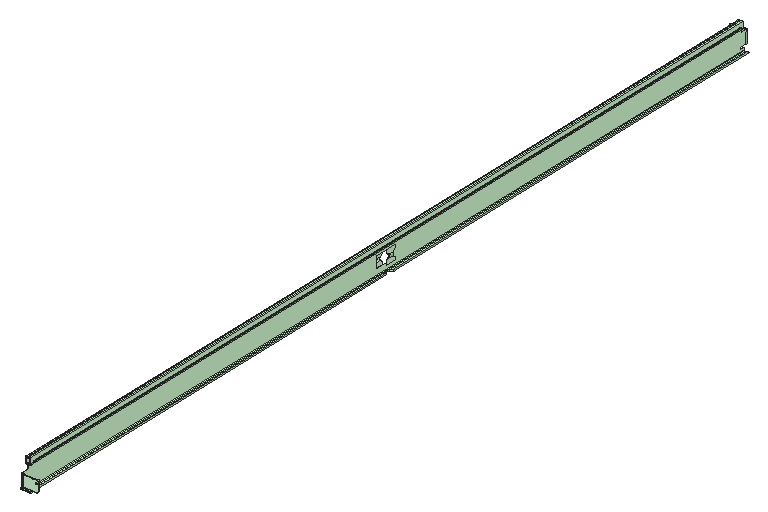
Revit family "eTバー4015メインクロス(640グリッド用)", category 機械設備, Revit 2020
Family settings
  丸型コネクタ寸法 = 直径を使用
  種別 = なし
  パーツ タイプ = 標準
  作業面ベース = いいえ
  常に垂直 = はい
  ロード時にボイドで切り取り = いいえ
  共有 = いいえ
  部屋計算ポイント = いいえ
Parameters
  製造元 = "株式会社桐井製作所"
  既定の高さ = 0 mm
  URL = "https://www.kirii.co.jp/"
  K_長さ(mm) = 1280 mm
  K_材質 = "溶融亜鉛めっき鋼板及び鋼帯SGCC 一般用　カラー鋼板"
  K_品名 = "eTバー4015メインクロス(640グリッド用)"
  K_名称 = "Tバー"
  K_入数 = "40"
  K_バージョン情報 = "20220411"
  K_めっき付着量 = "JIS G 3302 Z12、カラー鋼板　塗装膜厚20μ(白色)"
  K_JIS規格 = "JIS G 3302"
Reference planes
  plane 1 "中心(正面/背面)": y = 0
  plane 2: z = 0
  plane 3 "中心(左/右)": x = 0
  plane 4: y = 1287.2
Forms (mm)
  Extrusion 1, solid
    sketch origin (0, -1320, 7.1) x (-1, 0, 0) y (0, 0, 1)
      loop
        arc (0.4, 24.899) -> (0.715, 25.363) -> (1.263, 25.242) r 0.5
        arc (1.263, 25.242) -> (1.627, 24.916) -> (2.1, 24.799) r 1.011
        arc (2.1, 24.799) -> (2.736, 25.062) -> (3, 25.699) r 0.9
        line (3, 25.699) -> (3, 33.799)
        arc (3, 33.799) -> (2.473, 34.679) -> (1.448, 34.633) r 1
        line (1.448, 34.633) -> (0, 33.681) -> (-1.448, 34.633)
        arc (-1.448, 34.633) -> (-2.473, 34.679) -> (-3, 33.799) r 1
        line (-3, 33.799) -> (-3, 25.699)
        arc (-3, 25.699) -> (-2.736, 25.062) -> (-2.1, 24.799) r 0.9
        arc (-2.1, 24.799) -> (-1.627, 24.916) -> (-1.263, 25.242) r 1.011
        arc (-1.263, 25.242) -> (-0.715, 25.363) -> (-0.4, 24.899) r 0.5
        line (-0.4, 24.899) -> (-0.4, -5.442)
        arc (-0.4, -5.442) -> (-0.717, -6.207) -> (-1.483, -6.525) r 1.083
        line (-1.483, -6.525) -> (-4, -6.26) -> (-5.807, -6.26) -> (-6.519, -5.891)
        arc (-6.519, -5.891) -> (-7.477, -6.278) -> (-6.85, -7.1) r 0.65
        line (-6.85, -7.1) -> (6.85, -7.1)
        arc (6.85, -7.1) -> (7.477, -6.278) -> (6.519, -5.891) r 0.65
        line (6.519, -5.891) -> (5.807, -6.26) -> (4, -6.26) -> (1.483, -6.525)
        arc (1.483, -6.525) -> (0.717, -6.207) -> (0.4, -5.441) r 1.083
        line (0.4, -5.441) -> (0.4, 24.899)
      loop
        arc (-1.668, 34.298) -> (-2.283, 34.327) -> (-2.6, 33.799) r 0.6
        line (-2.6, 33.799) -> (-2.6, 25.699)
        arc (-2.6, 25.699) -> (-2.302, 25.241) -> (-1.763, 25.329) r 0.5
        line (-1.763, 25.329) -> (-1.063, 25.784)
        arc (-1.063, 25.784) -> (-0.324, 25.59) -> (0, 24.899) r 0.9
        arc (0, 24.899) -> (0.324, 25.59) -> (1.063, 25.784) r 0.9
        line (1.063, 25.784) -> (1.763, 25.329)
        arc (1.763, 25.329) -> (2.302, 25.241) -> (2.6, 25.699) r 0.5
        line (2.6, 25.699) -> (2.6, 33.799)
        arc (2.6, 33.799) -> (2.283, 34.327) -> (1.668, 34.298) r 0.6
        line (1.668, 34.298) -> (0.549, 33.563)
        arc (0.549, 33.563) -> (0, 33.399) -> (-0.549, 33.563) r 1
        line (-0.549, 33.563) -> (-1.668, 34.298)
    from 1320 to 2607.2
  Extrusion 2, void
    sketch origin (0, 0, 0) x (0, 1, 0) y (0, 0, 1)
      loop
        line (5, 41.941) -> (0, 41.941) -> (0, 25.9) -> (5, 25.9) -> (5, 41.941)
    from -3.77 to 3.77
  Extrusion 3, solid
    sketch origin (-0.114, 0, 16.166) x (1, 0, 0) y (0, 1, 0)
      loop
        line (24.214, -7.2) -> (24.214, -6.4) -> (1.714, -6.4)
        arc (1.714, -6.4) -> (0.866, -6.049) -> (0.514, -5.2) r 1.2
        line (0.514, -5.2) -> (0.514, 0) -> (-0.286, 0) -> (-0.286, -5.2)
        arc (-0.286, -5.2) -> (0.3, -6.614) -> (1.714, -7.2) r 2
        line (1.714, -7.2) -> (24.214, -7.2)
    from -8.266 to 9.734
  Extrusion 4, void
    sketch origin (0, 0, -7.234) x (1, 0, 0) y (0, 0, 1)
      loop
        line (2.6, 31.999) -> (23.1, 31.999)
        arc (23.1, 31.999) -> (23.807, 31.706) -> (24.1, 30.999) r 1
        line (24.1, 30.999) -> (24.1, 33.134) -> (2.6, 33.134) -> (2.6, 31.999)
    from 6.4 to 7.2
  Extrusion 5, void
    sketch origin (0, 0, -7.234) x (1, 0, 0) y (0, 0, 1)
      loop
        line (24.1, 26.599) -> (24.1, 28.599) -> (21.1, 28.599) -> (21.1, 26.599) -> (24.1, 26.599)
    from 6.4 to 7.2
  Extrusion 6, void
    sketch origin (0, 0, 0) x (0, 1, 0) y (0, 0, 1)
      loop
        line (6.9, 7.833) -> (0, 7.833) -> (0, 4.833) -> (6.9, 4.833) -> (6.9, 7.833)
    from -0.4 to 0.4
  Extrusion 7, void
    sketch origin (0, -13.6, -8.031) x (1, 0, 0) y (0, 0, -1)
      loop
        line (24.1, -15.931) -> (2.6, -15.931) -> (2.6, -16.999) -> (22.1, -16.999)
        arc (22.1, -16.999) -> (23.231, -17.237) -> (24.1, -17.999) r 2.28
        line (24.1, -17.999) -> (24.1, -15.931)
    from 6.4 to 7.2
  Extrusion 8, void
    sketch origin (0, 1287.2, 0) x (0, -1, 0) y (0, 0, -1)
      loop
        line (5, -41.941) -> (5, -25.737) -> (0, -25.737) -> (0, -41.941) -> (5, -41.941)
    from -3.77 to 3.77
  Extrusion 9, void
    sketch origin (0, 1287.2, 0) x (0, -1, 0) y (0, 0, -1)
      loop
        line (6.9, -7.833) -> (6.9, -4.833) -> (0, -4.833) -> (0, -7.833) -> (6.9, -7.833)
    from -0.4 to 0.4
  Extrusion 10, solid
    sketch origin (0.114, 1287.2, 16.166) x (-1, 0, 0) y (0, -1, 0)
      loop
        line (24.214, -7.2) -> (24.214, -6.4) -> (1.714, -6.4)
        arc (1.714, -6.4) -> (0.866, -6.049) -> (0.514, -5.2) r 1.2
        line (0.514, -5.2) -> (0.514, 0) -> (-0.286, 0) -> (-0.286, -5.2)
        arc (-0.286, -5.2) -> (0.3, -6.614) -> (1.714, -7.2) r 2
        line (1.714, -7.2) -> (24.214, -7.2)
    from -8.266 to 9.571
  Extrusion 11, void
    sketch origin (0, 1287.2, -7.234) x (-1, 0, 0) y (0, 0, 1)
      loop
        line (24.1, 26.599) -> (24.1, 28.599) -> (21.1, 28.599) -> (21.1, 26.599) -> (24.1, 26.599)
    from 6.4 to 7.2
  Extrusion 12, void
    sketch origin (0, 1287.2, -8.099) x (-1, 0, 0) y (0, 0, 1)
      loop
        line (24.1, 15.931) -> (24.1, 17.999)
        arc (24.1, 17.999) -> (23.231, 17.237) -> (22.1, 16.999) r 2.28
        line (22.1, 16.999) -> (2.6, 16.999) -> (2.6, 15.931) -> (24.1, 15.931)
    from 6.4 to 7.2
  Extrusion 13, void
    sketch origin (0, 1300.8, -7.396) x (-1, 0, 0) y (0, 0, -1)
      loop
        line (2.6, -31.999) -> (2.6, -33.134) -> (24.1, -33.134) -> (24.1, -30.999)
        arc (24.1, -30.999) -> (23.807, -31.706) -> (23.1, -31.999) r 1
        line (23.1, -31.999) -> (2.6, -31.999)
    from 6.4 to 7.2
  Extrusion 14, void
    sketch origin (-0.4, 361.792, 32.162) x (0, 0, 1) y (0, -1, 0)
      loop
        arc (-19.9, -284.4) -> (-14.3, -287.9) -> (-8.7, -284.4) r 6.23
        line (-8.7, -284.4) -> (-19.9, -284.4)
      loop
        arc (-8.7, -297.4) -> (-14.3, -293.9) -> (-19.9, -297.4) r 6.23
        line (-19.9, -297.4) -> (-8.7, -297.4)
    from 1.2 to 3.447
  Extrusion 15, solid
    sketch origin (-0.081, 361.8, -6.51) x (-1, 0, 0) y (0, 0, -1)
      loop
        line (-0.387, -33.66) -> (-0.387, -32.86) -> (-1.476, -32.86) -> (-1.476, -26.291)
        arc (-1.476, -26.291) -> (-2.487, -24.267) -> (-1.487, -22.238) r 2.545
        line (-1.487, -22.238) -> (-1.487, -15.26) -> (-0.387, -15.26) -> (-0.387, -14.46) -> (-2.087, -14.46) -> (-2.088, -21.96)
        arc (-2.088, -21.96) -> (-3.087, -24.26) -> (-2.087, -26.56) r 3.145
        line (-2.087, -26.56) -> (-2.087, -33.66) -> (-0.387, -33.66)
    from -297.4 to -284.4
  Extrusion 16, solid
    sketch origin (0.081, 343.6, -6.51) x (1, 0, 0) y (0, 0, 1)
      loop
        line (-0.387, 33.66) -> (-2.087, 33.66) -> (-2.087, 26.56)
        arc (-2.087, 26.56) -> (-3.087, 24.26) -> (-2.088, 21.96) r 3.145
        line (-2.088, 21.96) -> (-2.087, 14.46) -> (-0.387, 14.46) -> (-0.387, 15.26) -> (-1.487, 15.26) -> (-1.487, 22.238)
        arc (-1.487, 22.238) -> (-2.487, 24.267) -> (-1.476, 26.291) r 2.545
        line (-1.476, 26.291) -> (-1.476, 32.86) -> (-0.387, 32.86) -> (-0.387, 33.66)
    from -297.4 to -284.4
  Extrusion 17, void
    sketch origin (0.4, 343.592, 32.163) x (0, 0, 1) y (0, 1, 0)
      loop
        line (-19.9, 284.4) -> (-8.7, 284.4)
        arc (-8.7, 284.4) -> (-14.3, 287.9) -> (-19.9, 284.4) r 6.23
      loop
        line (-8.7, 297.4) -> (-19.9, 297.4)
        arc (-19.9, 297.4) -> (-14.3, 293.9) -> (-8.7, 297.4) r 6.23
    from 1.2 to 3.447
  Extrusion 18, void
    sketch origin (0.4, 343.6, 31.85) x (0, 0, 1) y (0, 1, 0)
      loop
        line (-5.5, 284.4) -> (-5.5, 315.6) -> (-23.1, 315.6) -> (-23.1, 284.4) -> (-5.5, 284.4)
    from 0 to 0.8
  Extrusion 19, void
    sketch origin (0, 2156.459, 0) x (-1, 0, 0) y (0, -1, 0)
      loop
        line (8.021, 1505.493) -> (8.021, 1520.226) -> (3.318, 1516.682) -> (3.318, 1509.037) -> (8.021, 1505.493)
    from 0 to 2.903
  Extrusion 20, void
    sketch origin (0, 2156.459, 0) x (1, 0, 0) y (0, 1, 0)
      loop
        line (8.021, -1505.493) -> (3.318, -1509.037) -> (3.318, -1516.682) -> (8.021, -1520.226) -> (8.021, -1505.493)
    from 0 to 2.903
Cuts and joins
  Extrusion 2, Extrusion 6, Extrusion 7, Extrusion 8, Extrusion 9, Extrusion 18, Extrusion 19, Extrusion 20 cuts Extrusion 1
  Extrusion 4, Extrusion 5, Extrusion 7, Extrusion 8, Extrusion 9, Extrusion 18, Extrusion 19, Extrusion 20 cuts Extrusion 3
  Extrusion 11, Extrusion 12, Extrusion 13 cuts Extrusion 10
  joined: Extrusion 1, Extrusion 3, Extrusion 10
  Extrusion 14 cuts Extrusion 15
  Extrusion 17 cuts Extrusion 16
Dimensions and locks
  plane 4 to plane 1 "中心(正面/背面)" = 1287.2 mm
  aligned and locked: level to plane 2
  aligned and locked: plane 4 to Extrusion 1
